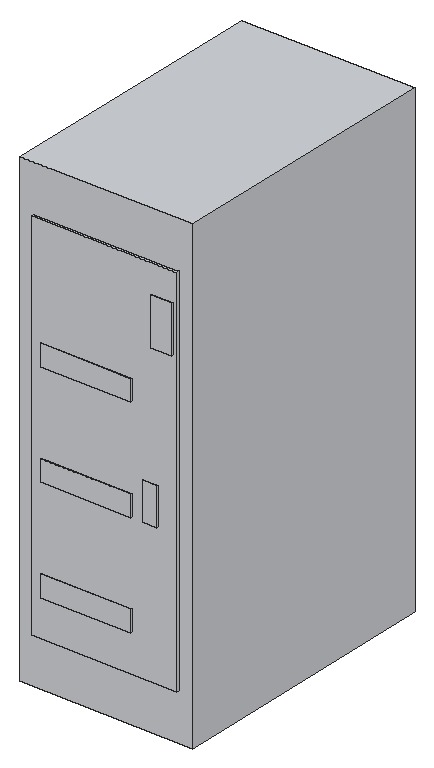
Revit family "GIS_MV_BusCoupler", category Equipamento elétrico, Revit 2027
Family settings
  Configuração do painel = Duas colunas, circuitos transversais
  Cota do conector redondo = Utilizar diâmetro
  Tipo de parte = Painel de controle
  Com base no plano de trabalho = Não
  Sempre na vertical = Sim
  Corte com vazios quando carregada = Não
  Manter orientação da anotação = Não
  Compartilhado = Não
  Ponto de cálculo do ambiente = Não
Parameters (values of type "MV_TIE_17K5_STUDY")
  Default Elevation = 0 mm
  built-in parameter 1140142 [instance] = (empty or 0)
  built-in parameter 1140140 [instance] = 1 (stored number, unit not read)
  BIM_TensaoSecundaria_kV = 0
  BIM_TensaoNominal_kV = 13.8
  BIM_TensaoClasse_kV = 17.5
  BIM_TensaoClasseSecundaria_kV = 0
  BIM_Sistema_Elemento [instance] = ""
  BIM_ReferenciaCatalogo = "Portfolio estimate; 2,000 A candidate only, switchgear manufacturer not selected"
  BIM_Profundidade = 1450 mm
  BIM_Potencia_MVA = 0
  BIM_Localizacao [instance] = ""
  BIM_Largura = 900 mm
  BIM_Impedancia_pu = 0
  BIM_FonteGeometria = "Portfolio estimate; 2,000 A candidate only, switchgear manufacturer not selected"
  BIM_Fabricante = "NAO SELECIONADO"
  BIM_EstadoGeometria = "ESTIMATED"
  BIM_EstadoEspecificacao = "PREMISSA / NAO SELECIONADO"
  BIM_DescricaoEstudo = "Cubiculo de acoplamento de barras 13.8 kV; 2,000 A e candidato, normalmente aberto por premissa."
  BIM_CorrenteReferenciaSecundaria_A = 0
  BIM_CorrenteNominal_A = 2000
  BIM_Bay [instance] = ""
  BIM_AlturaCorpoPrincipal = 2450 mm
  BIM_Altura = 2450 mm
  built-in parameter 1155100 [instance] = (empty or 0)
Reference planes
  plane 1 "Centro (Frente/Trás)": y = 0
  plane 2: z = 0
  plane 3 "Centro (Esquerda/Direita)": x = 0
  plane 4 "BIM Left": x = -450
  plane 5 "BIM Right": x = 450
  plane 6 "BIM Front": y = -725
  plane 7 "BIM Back": y = 725
Forms (mm)
  Extrusion 1, solid
    sketch origin (0, 0, 0) x (1, 0, 0) y (0, 1, 0)
      loop
        line (-450, -725) -> (450, -725) -> (450, 725) -> (-450, 725) -> (-450, -725)
    from 0 to 2450 <- "BIM_AlturaCorpoPrincipal"
  Extrusion 2, solid
    sketch origin (0, 0, 245) x (1, 0, 0) y (0, 1, 0)
      loop
        line (-378, -738.716) -> (378, -738.716) -> (378, -725) -> (-378, -725) -> (-378, -738.716)
    from 0 to 1960
  Extrusion 3, solid
    sketch origin (0, 0, 441) x (1, 0, 0) y (0, 1, 0)
      loop
        line (-324, -743.288) -> (144, -743.288) -> (144, -725) -> (-324, -725) -> (-324, -743.288)
    from 0 to 110.25
  Extrusion 4, solid
    sketch origin (0, 0, 980) x (1, 0, 0) y (0, 1, 0)
      loop
        line (-324, -743.288) -> (144, -743.288) -> (144, -725) -> (-324, -725) -> (-324, -743.288)
    from 0 to 110.25
  Extrusion 5, solid
    sketch origin (0, 0, 1519) x (1, 0, 0) y (0, 1, 0)
      loop
        line (-324, -743.288) -> (144, -743.288) -> (144, -725) -> (-324, -725) -> (-324, -743.288)
    from 0 to 110.25
  Extrusion 6, solid
    sketch origin (0, 0, 980) x (1, 0, 0) y (0, 1, 0)
      loop
        line (207, -744.812) -> (279, -744.812) -> (279, -725) -> (207, -725) -> (207, -744.812)
    from 0 to 196
  Extrusion 7, solid
    sketch origin (0, 0, 1813) x (1, 0, 0) y (0, 1, 0)
      loop
        line (252, -746.336) -> (360, -746.336) -> (360, -725) -> (252, -725) -> (252, -746.336)
    from 0 to 245
Dimensions and locks
  "BIM_Largura": plane 4 "BIM Left" to plane 5 "BIM Right"
  "BIM_Profundidade": plane 6 "BIM Front" to plane 7 "BIM Back"
  aligned and locked: level to plane 2
  aligned and locked: plane 4 "BIM Left" to Extrusion 1
  aligned and locked: Extrusion 1 to plane 5 "BIM Right"
  aligned and locked: Extrusion 1 to plane 6 "BIM Front"
  aligned and locked: plane 7 "BIM Back" to Extrusion 1
Automatic sketch dimensions
  Extrusion 1 sketch curve to plane 4 "BIM Left" = 0 mm
  Extrusion 1 sketch curve to plane 5 "BIM Right" = 0 mm
  Extrusion 1 sketch curve to plane 6 "BIM Front" = 0 mm
  Extrusion 1 sketch curve to plane 7 "BIM Back" = 0 mm
  Extrusion 2 sketch curve to plane 6 "BIM Front" = 0 mm
  Extrusion 2 sketch curve to plane 6 "BIM Front" = 13.716 mm
  Extrusion 2 sketch curve to plane 4 "BIM Left" = 72 mm
  plane 5 "BIM Right" to Extrusion 2 sketch curve = 72 mm
  Extrusion 3 sketch curve to plane 6 "BIM Front" = 0 mm
  Extrusion 3 sketch curve to plane 6 "BIM Front" = 18.288 mm
  Extrusion 3 sketch curve to plane 4 "BIM Left" = 126 mm
  plane 3 "Centro (Esquerda/Direita)" to Extrusion 3 sketch curve = 144 mm
  Extrusion 4 sketch curve to plane 6 "BIM Front" = 0 mm
  Extrusion 4 sketch curve to plane 6 "BIM Front" = 18.288 mm
  Extrusion 4 sketch curve to plane 4 "BIM Left" = 126 mm
  plane 3 "Centro (Esquerda/Direita)" to Extrusion 4 sketch curve = 144 mm
  Extrusion 5 sketch curve to plane 6 "BIM Front" = 0 mm
  Extrusion 5 sketch curve to plane 6 "BIM Front" = 18.288 mm
  Extrusion 5 sketch curve to plane 4 "BIM Left" = 126 mm
  plane 3 "Centro (Esquerda/Direita)" to Extrusion 5 sketch curve = 144 mm
  Extrusion 6 sketch curve to plane 6 "BIM Front" = 0 mm
  Extrusion 6 sketch curve to plane 6 "BIM Front" = 19.812 mm
  plane 3 "Centro (Esquerda/Direita)" to Extrusion 6 sketch curve = 207 mm
  Extrusion 6 sketch curve to Extrusion 6 sketch curve = 72 mm
  Extrusion 7 sketch curve to plane 6 "BIM Front" = 0 mm
  Extrusion 7 sketch curve to plane 6 "BIM Front" = 21.336 mm
  plane 5 "BIM Right" to Extrusion 7 sketch curve = 198 mm
  plane 5 "BIM Right" to Extrusion 7 sketch curve = 90 mm
